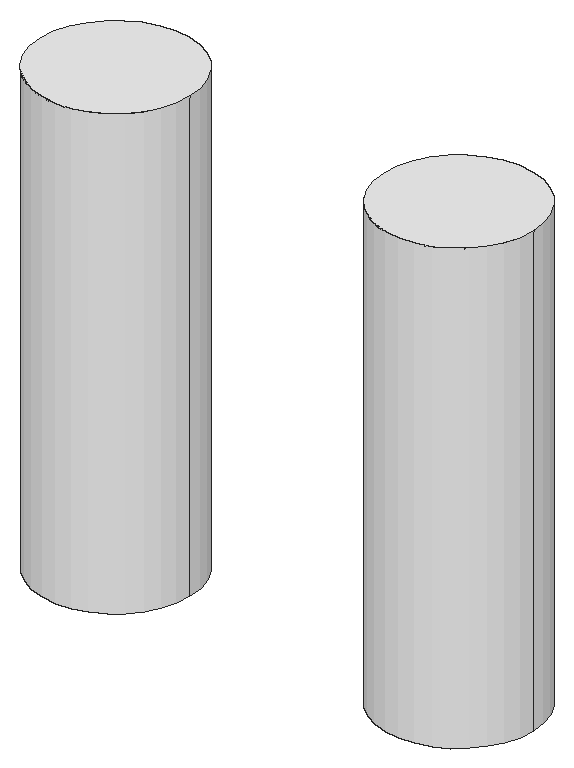
Revit family "45341183", category Plumbing Fixtures, Revit 2020
Family settings
  Round Connector Dimension = Use Diameter
  Part Type = Normal
  OmniClass Number = 23.45.55.00
  OmniClass Title = Sanitary Faucets, Wastes
  Work Plane-Based = No
  Always vertical = Yes
  Cut with Voids When Loaded = No
  Shared = No
  Room Calculation Point = No
Parameters (values of type "45341183 Washbasin faucet, low pressure")
  Working Pressure = "50 - 500 kPa"
  WarrantyStartDate [instance] = "n/a"
  WarrantyGuarantorParts = "n/a"
  WarrantyGuarantorLabor = "n/a"
  WarrantyDurationUnit = "Year"
  WarrantyDurationParts = "n/a"
  WarrantyDurationLabor = "n/a"
  WarrantyDescription = "http://warranty.hansa.com"
  Warranty Information URL = "http://warranty.hansa.com"
  VersionDate = "01/06/2023"
  Version = "1"
  ValvePattern = "n/a"
  ValveOperation = "n/a"
  ValveMechanism = "n/a"
  Uniclass2015Reference = "Pr_40_20_87_96"
  Uniclass2015Description = "Washbasin manual water supply sets"
  Uniclass2 = "Pr_40_30_96_96"
  URL REACH = "http://static.hansa.com/doc/reach"
  URL Materials Declaration = "http://www.hansa.com/fileadmin/resources/185168_45341183_materialsdeclaration.pdf"
  URL EcoLabel Declaration = "http://static.hansa.com/doc/EcoLabel"
  URL EU Packaging Declaration = "http://static.hansa.com/doc/packaging"
  URL Declaration of SCIP = "http://static.hansa.com/doc/SCIP"
  URL Declaration of Conformity = "http://static.hansa.com/DoC/45341183"
  URL Declaration of Asbestos = "http://static.hansa.com/doc/asbestos"
  URL Declaration Of Performance (DOP) = "http://static.hansa.com/doc/DoP"
  URL = ""
  UNSPSC Class Number = "30181700 Faucets or taps"
  TestPressure = "n/a"
  Technical DataSheet URL = "http://www.hansa.com/datasheet/45341183/en"
  TagNumber [instance] = "n/a"
  SustainabilityPerformance = "n/a"
  Surface treatment = "Chrome"
  Spout Type = "Fixed spout"
  Spout Projection = "107 mm"
  Spare-Part Information URL = "http://static.hansa.com/sp/45341183"
  Size = "Faucet: 50x144x147 mm / Heater: 255x213x418 mm"
  Shape = "Sculptured"
  SerialNumber [instance] = "n/a"
  Sales Package dimensions (LxWxH) = "380 x 180 x 74"
  Revision = "n/a"
  ReplacementCost = "n/a"
  ProductInformation = "Washbasin faucet with disinfection wash proof Bidetta shower set"
  Product URL = "http://static.hansa.com/45341183"
  Product Image URL = "http://static.hansa.com/image/45341183"
  Product Family = "HANSAPINTO "
  Product Code = "45341183"
  OperatingMechanismMaterial = "n/a"
  Name_en = "45341183 Washbasin faucet, low pressure"
  Name = "45341183 Washbasin faucet, low pressure"
  NBSReference = "45-35-70/371"
  NBSDescription = "Water supply fittings for wash basins and troughs"
  Mounting Holes = "1 hole"
  ModelReference = "45341183"
  ModelNumber = "n/a"
  Model = "45341183 Washbasin faucet, low pressure"
  Mobile Product Information URL = "http://mpi.hansa.com/45341183"
  Mechanical Parts = "Litter filter(s);ø 40 mm ceramic cartridge for flow and temperature control"
  Max. Hot Water Supply = 70 °C
  Material = "Brass"
  Market = "International;Germany;Austria;Belgium;Netherlands;Czech Republic;Slovakia"
  ManufacturerURL = "http://www.hansa.com"
  ManufacturerName = "HANSA"
  Manufacturer = "HANSA"
  Lever Handle = "Hot/Cold symbols;Single operating lever/handle"
  Interactive AR View URL = "https://static.hansa.com/AR/45341183"
  InstallationDate [instance] = "n/a"
  Installation and Maintenance Guide URL = "http://static.hansa.com/manual/45341183"
  Installation Type = "Deck mounted"
  InletConnectionSize = 10 mm
  IfcExportType = "FAUCET"  # constant formula
  IfcExportAs = "IfcValveType"  # constant formula
  HeaterVisibility [instance] = yes
  HeaterNominalWidth = 255 mm
  HeaterNominalHeight = 418.2 mm
  HeaterNominalDepth = 213 mm
  HeaterDefaultElevation [instance] = 200 mm
  HWFU = 0
  Group = "Washbasin faucet"
  Grade = "n/a"
  FlowCoefficient = 0
  Finish = "Polished"
  Features = "Single-lever;Low pressure"
  FaucetNominalWidth = 50 mm
  FaucetNominalHeight = 147 mm
  FaucetNominalDepth = 144 mm
  FaucetMainMaterial = Brass
  FaucetDefaultElevation [instance] = 900 mm
  FDV Document URL = "http://www.hansa.com/datasheet/45341183/en/fdv"
  ExpectedLife = "n/a"
  Excluded Items = "Without pop-up waste;Without draw-rod opening"
  ETIM Class Number = "EC011328 Washbasin mixing tap"
  EN Standard = "EN 817"
  EAN Number = "4057304003028"
  DurationUnit = "Year"
  DistanceY-Axis [instance] = 100 mm
  DistanceX-Axis [instance] = 200 mm
  Dimension Drawing URL = "http://static.hansa.com/dimdrw/45341183"
  Description = ""
  Default Elevation = 0 mm
  Constituents = "n/a"
  Connection Size = "G3/8"
  Connection = "Flexible inlet pipes"
  Color = "Chrome"
  CodePerformance = "n/a"
  CloseOffRating = 0
  Category = "Washbasin"
  Catalog Drawing URL = "http://static.hansa.com/catdrw/45341183"
  Brand = "HANSA"
  BodyMaterial = "Brass"
  Barcode [instance] = "n/a"
  Backflow Prevention EN1717 = "AA"
  BIMObjectName = "45341183"
  Author = "BIMStone"
  AssetType = "Fixed"
  AssetIdentifier [instance] = "n/a"
  Ambience photo = "http://static.hansa.com/ambience/45341183"
  Aerator = "Laminar stream;Standard aerator"
  Advanced Features = "3S-installation system for safe and simple mounting;Inner body made of DZR brass"
  Additional Features = "grease without Silicon"
  AccessibilityPerformance = "n/a"
  3D View = "https://static.hansa.com/AR/45341183"
  2D/3D/BIM Files URL = "http://static.hansa.com/bim/45341183"
Reference planes
  plane 1 "Center (Front/Back)": y = 0
  plane 2: z = 0
  plane 3 "Center (Left/Right)": x = 0
  plane 4: x = -25
  plane 5: x = 25
  plane 6: z = 900
  plane 7: z = 870
  plane 8: x = 200
  plane 9: y = -113
  plane 10: y = 100
  plane 11: z = 200
  plane 12: z = 618.2
  plane 13: y = -144
  plane 14: z = 1047
  plane 15: x = 72.5
  plane 16: x = 327.5
Forms (mm)
  Extrusion 1, solid, material "Brass" <- "FaucetMainMaterial"
    sketch origin (0, 4.9, 0) x (1, 0, 0) y (0, 1, 0)
      loop
        circle (-11.5, -29) r 5
      loop
        circle (11.5, -29) r 5
    from 870 to 900
Dimensions and locks
  equal spacing: plane 4, plane 3 "Center (Left/Right)", plane 5
  "FaucetDefaultElevation": plane 6 to level
  locked: plane 6 to plane 7 at 30
  "FaucetNominalWidth": plane 4 to plane 5
  "HeaterNominalDepth": plane 10 to plane 9
  "DistanceX-Axis": plane 3 "Center (Left/Right)" to plane 8
  "HeaterNominalHeight": plane 12 to plane 11
  "HeaterDefaultElevation": plane 11 to level
  "DistanceY-Axis": plane 10 to plane 1 "Center (Front/Back)"
  "FaucetNominalDepth": plane 13 to plane 1 "Center (Front/Back)"
  "FaucetNominalHeight": plane 14 to plane 6
  equal spacing: plane 15, plane 8, plane 16
  "HeaterNominalWidth": plane 15 to plane 16
  "InletConnectionSize": diameter of Extrusion 1 sketch curve  (x2)
  aligned and locked: level to plane 2
  aligned and locked: plane 6 to Extrusion 1
  aligned and locked: Extrusion 1 to plane 7
  aligned and locked: nested 2 to plane 10
  aligned and locked: plane 8 to nested 2
  aligned and locked: plane 8 to nested 3
  aligned and locked: plane 3 "Center (Left/Right)" to nested 4
  aligned and locked: plane 1 "Center (Front/Back)" to nested 4
  aligned and locked: nested 4 to plane 6
  aligned and locked: nested 3 to plane 10
  aligned and locked: nested 3 to plane 11
Automatic sketch dimensions
  Extrusion 1 sketch curve to plane 3 "Center (Left/Right)" = 11.5 mm
  plane 3 "Center (Left/Right)" to Extrusion 1 sketch curve = 11.5 mm
  plane 1 "Center (Front/Back)" to Extrusion 1 sketch curve = 24.1 mm
  Extrusion 1 sketch curve to Extrusion 1 sketch curve = 0 mm
Nested families
  nested 1: "Symbol" at (0, 0, 0), type "Symbol", detail levels coarse
  nested 2: "Symbol" at (200, 100, 0), type "Symbol", detail levels coarse
  nested 3: "45341183_Heater" at (200, -6.5, 200), visible <- "HeaterVisibility", type "45341183_Heater"
  nested 4: "45341183_p" at (0, 0, 900), Material <- "FaucetMainMaterial", type "45341183_p"
    with Material Brass
Connectors
  piping at (-11.5, -24.1, 870), diameter 10, driven by "InletConnectionSize"
    settings: on Extrusion 1, index 1, connector inside diameter 609.6 mm, connector length 0 mm, flow factor 0, pipe flow 0.0 L/s, pressure drop 0.0 Pa, fitting loss kfactor 0, connector angle 0.00°, fixture units 0, engagement length 0 mm, angle of deflection 0.00°, flow configuration 1, flow direction 1, fitting loss method 0, system type 19, joint type 0, gender type 0, connector reference index -1, connector utility 0, adjustable connector no, is connector primary yes, connector description ""
  piping at (11.5, -24.1, 870), diameter 10, driven by "InletConnectionSize"
    settings: on Extrusion 1, index 2, connector inside diameter 609.6 mm, connector length 0 mm, flow factor 0, pipe flow 0.0 L/s, pressure drop 0.0 Pa, fitting loss kfactor 0, connector angle 0.00°, fixture units 0, engagement length 0 mm, angle of deflection 0.00°, flow configuration 1, flow direction 1, fitting loss method 0, system type 20, joint type 0, gender type 0, connector reference index -1, connector utility 0, adjustable connector no, is connector primary no, connector description ""
  piping at (150, 32, 618.2), diameter 10, driven by "InletConnectionSize"
    settings: on nested 3, index 3, connector inside diameter 609.6 mm, connector length 0 mm, flow factor 0, pipe flow 0.0 L/s, pressure drop 0.0 Pa, fitting loss kfactor 0, connector angle 0.00°, fixture units 0, engagement length 0 mm, angle of deflection 0.00°, flow configuration 1, flow direction 2, fitting loss method 0, system type 19, joint type 0, gender type 0, connector reference index -1, connector utility 0, adjustable connector no, is connector primary no, connector description ""
  piping at (250, 32, 618.2), diameter 10, driven by "InletConnectionSize"
    settings: on nested 3, index 4, connector inside diameter 609.6 mm, connector length 0 mm, flow factor 0, pipe flow 0.0 L/s, pressure drop 0.0 Pa, fitting loss kfactor 0, connector angle 0.00°, fixture units 0, engagement length 0 mm, angle of deflection 0.00°, flow configuration 1, flow direction 1, fitting loss method 0, system type 20, joint type 0, gender type 0, connector reference index -1, connector utility 0, adjustable connector no, is connector primary no, connector description ""
Definition of nested family "Symbol"
  Reference planes
    plane 1: y = 0
    plane 2: x = 0
  Lines and regions (mm)
    detail lines
      curve 1: line (0, 0, 0) -> (0, -1.8, 0)
      curve 2: line (-0.4, -1.1, 0) -> (0.4, -1.1, 0)
      curve 3: line (-0.4, -1.4, 0) -> (0.4, -1.4, 0)
      curve 4: line (0.863, 0, 0) -> (-0.863, 0, 0)
      curve 5: circle (-1.163, 0, 0) r 0.3 normal (0, 0, -1)
      curve 6: circle (1.163, 0, 0) r 0.3 normal (0, 0, 1)
Definition of nested family "45341183_Heater"
  Parameters (values of type "45341183_Heater")
    Default Elevation = 0 mm
  Reference planes
    plane 1 "Center (Front/Back)": y = 0
    plane 2: z = 0
    plane 3 "Center (Left/Right)": x = 0
    plane 4: z = 418.2
    plane 5: y = 106.5
    plane 6: y = -106.5
    plane 7: x = -127.5
    plane 8: x = 127.5
  Forms (mm)
    Extrusion 1, solid, detail levels medium
      sketch origin (0, 0, 0) x (1, 0, 0) y (0, 1, 0)
        loop
          arc (-123.28, -82.346) -> (-117.845, -95.367) -> (-105.167, -101.56) r 20
          arc (-105.167, -101.56) -> (0, -106.5) -> (105.167, -101.56) r 1121.865
          arc (105.167, -101.56) -> (117.845, -95.367) -> (123.28, -82.346) r 20
          line (123.28, -82.346) -> (127.5, 38.5) -> (-127.5, 38.5) -> (-123.28, -82.346)
      from 0 to 389.992
    Extrusion 2, solid, detail levels medium
      sketch origin (0, 0, 0) x (1, 0, 0) y (0, 1, 0)
        loop
          line (-107.693, 104.57) -> (-110, 38.5) -> (110, 38.5) -> (107.693, 104.57)
          arc (107.693, 104.57) -> (107.083, 105.939) -> (105.694, 106.5) r 2
          line (105.694, 106.5) -> (-105.694, 106.5)
          arc (-105.694, 106.5) -> (-107.083, 105.939) -> (-107.693, 104.57) r 2
      from 5.314 to 382.736
    Revolve 3, solid, detail levels medium
      sketch origin (0, 38.5, 0) x (1, 0, 0) y (0, 0, 1)
        loop
          line (-50, 418.2) -> (-58.25, 418.2) -> (-58.25, 408) -> (-62.75, 408) -> (-62.75, 396.5) -> (-50, 396.5) -> (-50, 418.2)
        axis (-50, 418.2) -> (-50, 396.5)
      angle from 0 to 360
    Revolve 4, solid, detail levels medium
      sketch origin (0, 38.5, 0) x (1, 0, 0) y (0, 0, 1)
        loop
          line (-50, 396.5) -> (-64.15, 396.5) -> (-66.173, 394.477) -> (-66.173, 382.736) -> (-50, 382.736) -> (-50, 396.5)
        axis (-50, 396.5) -> (-50, 382.736)
      angle from 0 to 360
    Extrusion 5, solid, detail levels coarse
      sketch origin (0, 0, 0) x (1, 0, 0) y (0, 1, 0)
        loop
          line (-127.5, 106.5) -> (-127.5, -106.5) -> (127.5, -106.5) -> (127.5, 106.5) -> (-127.5, 106.5)
      from 0 to 418.2
    Revolve 6, solid, detail levels medium
      sketch origin (0, 38.5, 0) x (-1, 0, 0) y (0, 0, -1)
        loop
          line (-50, -418.2) -> (-50, -396.5) -> (-62.75, -396.5) -> (-62.75, -408) -> (-58.25, -408) -> (-58.25, -418.2) -> (-50, -418.2)
        axis (-50, -418.2) -> (-50, -396.5)
      angle from 0 to 360
    Revolve 7, solid, detail levels medium
      sketch origin (0, 38.5, 0) x (-1, 0, 0) y (0, 0, -1)
        loop
          line (-50, -396.5) -> (-50, -382.736) -> (-66.173, -382.736) -> (-66.173, -394.477) -> (-64.15, -396.5) -> (-50, -396.5)
        axis (-50, -396.5) -> (-50, -382.736)
      angle from 0 to 360
  Cuts and joins
    joined: Extrusion 1, Extrusion 2, Revolve 4, Revolve 7
  Lines and regions (mm)
    symbolic lines, detail levels medium+fine
      curve 1: line (0, 104.57, 9.307) -> (0, 40.43, 7.067)
      curve 2: line (0, 106.5, 11.306) -> (0, 106.5, 378.647)
      curve 3: line (0, 104.57, 380.646) -> (0, 54.673, 382.389)
      curve 4: line (0, 54.673, 394.477) -> (0, 54.673, 382.389)
      curve 5: line (0, 54.673, 394.477) -> (0, 52.65, 396.5)
      curve 6: line (0, 51.25, 396.5) -> (0, 51.25, 408)
      curve 7: line (0, 51.25, 396.5) -> (0, 52.65, 396.5)
      curve 8: line (0, 51.25, 408) -> (0, 46.75, 408)
      curve 9: line (0, 46.75, 408) -> (0, 46.75, 418.2)
      curve 10: line (0, 46.75, 418.2) -> (0, 30.25, 418.2)
      curve 11: line (0, 30.25, 418.2) -> (0, 30.25, 408)
      curve 12: line (0, 30.25, 408) -> (0, 25.75, 408)
      curve 13: line (0, 25.75, 408) -> (0, 25.75, 396.5)
      curve 14: line (0, 25.75, 396.5) -> (0, 24.35, 396.5)
      curve 15: line (0, 24.35, 396.5) -> (0, 22.327, 394.477)
      curve 16: line (0, 22.327, 394.477) -> (0, 22.327, 389.144)
      curve 17: line (0, 22.327, 389.144) -> (0, -103.657, 382.542)
      curve 18: line (0, -106.5, 379.546) -> (0, -106.5, 373.554)
      curve 19: line (0, -106.5, 373.554) -> (0, -104.678, 373.554)
      curve 20: line (0, -104.678, 373.554) -> (0, -104.678, 368.554)
      curve 21: line (0, -104.678, 368.554) -> (0, -105.5, 368.554)
      curve 22: line (0, -105.5, 368.554) -> (0, -105.5, 311.5)
      curve 23: line (0, -105.5, 311.5) -> (0, -104.669, 311.5)
      curve 24: line (0, -104.669, 311.5) -> (0, -104.669, 283.779)
      curve 25: line (0, -106.5, 274.171) -> (0, -104.669, 283.779)
      curve 26: line (0, -106.5, 274.171) -> (0, -106.5, 26.243)
      curve 27: line (0, -81.5, 0) -> (0, -105.621, 24.121)
      curve 28: arc (0, -106.5, 26.243) -> (0, -106.272, 25.095) -> (0, -105.621, 24.121) r 3
      curve 29: line (0, -81.5, 0) -> (0, 38.5, 0)
      curve 30: line (0, 38.5, 0) -> (0, 38.5, 5.069)
      curve 31: arc (0, 40.43, 7.067) -> (0, 39.061, 6.458) -> (0, 38.5, 5.069) r 2
      curve 32: arc (0, 106.5, 11.306) -> (0, 105.939, 9.917) -> (0, 104.57, 9.307) r 2
      curve 33: arc (0, 104.57, 380.646) -> (0, 105.939, 380.037) -> (0, 106.5, 378.647) r 2
      curve 34: arc (0, -106.5, 379.546) -> (0, -105.676, 381.611) -> (0, -103.657, 382.542) r 3
      curve 47: line (-66.033, 0, 390.053) -> (-124.5, 0, 390.053)
      curve 48: line (-64, 0, 396.5) -> (-66.033, 0, 394.467)
      curve 49: line (-66.033, 0, 394.467) -> (-66.033, 0, 390.053)
      curve 50: line (-64, 0, 396.5) -> (-62.6, 0, 396.5)
      curve 51: line (-62.6, 0, 398.5) -> (-62.6, 0, 396.5)
      curve 52: line (-62.6, 0, 398.5) -> (-60.75, 0, 398.5)
      curve 53: line (-60.75, 0, 398.5) -> (-60.75, 0, 408)
      curve 54: line (-60.75, 0, 408) -> (-58.1, 0, 408)
      curve 55: line (-58.1, 0, 418.2) -> (-58.1, 0, 408)
      curve 56: line (-35.7, 0, 396.5) -> (-33.667, 0, 394.467)
      curve 57: line (-33.667, 0, 394.467) -> (-33.667, 0, 390.053)
      curve 58: line (-35.7, 0, 396.5) -> (-37.1, 0, 396.5)
      curve 59: line (-37.1, 0, 398.5) -> (-37.1, 0, 396.5)
      curve 60: line (-37.1, 0, 398.5) -> (-38.95, 0, 398.5)
      curve 61: line (-38.95, 0, 398.5) -> (-38.95, 0, 408)
      curve 62: line (-38.95, 0, 408) -> (-41.6, 0, 408)
      curve 63: line (-41.6, 0, 418.2) -> (-41.6, 0, 408)
      curve 64: line (-58.1, 0, 418.2) -> (-41.6, 0, 418.2)
      curve 65: line (-127.5, 0, 387.053) -> (-127.5, 0, 3)
      curve 66: line (-124.5, 0, 0) -> (124.5, 0, 0)
      curve 67: arc (-127.5, 0, 3) -> (-126.621, 0, 0.879) -> (-124.5, 0, 0) r 3
      curve 68: arc (-124.5, 0, 390.053) -> (-126.621, 0, 389.174) -> (-127.5, 0, 387.053) r 3
      curve 69: line (66.033, 0, 390.053) -> (124.5, 0, 390.053)
      curve 70: line (64, 0, 396.5) -> (66.033, 0, 394.467)
      curve 71: line (66.033, 0, 394.467) -> (66.033, 0, 390.053)
      curve 72: line (64, 0, 396.5) -> (62.6, 0, 396.5)
      curve 73: line (62.6, 0, 398.5) -> (62.6, 0, 396.5)
      curve 74: line (62.6, 0, 398.5) -> (60.75, 0, 398.5)
      curve 75: line (60.75, 0, 398.5) -> (60.75, 0, 408)
      curve 76: line (60.75, 0, 408) -> (58.1, 0, 408)
      curve 77: line (58.1, 0, 418.2) -> (58.1, 0, 408)
      curve 78: line (35.7, 0, 396.5) -> (33.667, 0, 394.467)
      curve 79: line (33.667, 0, 394.467) -> (33.667, 0, 390.053)
      curve 80: line (35.7, 0, 396.5) -> (37.1, 0, 396.5)
      curve 81: line (37.1, 0, 398.5) -> (37.1, 0, 396.5)
      curve 82: line (37.1, 0, 398.5) -> (38.95, 0, 398.5)
      curve 83: line (38.95, 0, 398.5) -> (38.95, 0, 408)
      curve 84: line (38.95, 0, 408) -> (41.6, 0, 408)
      curve 85: line (41.6, 0, 418.2) -> (41.6, 0, 408)
      curve 86: line (58.1, 0, 418.2) -> (41.6, 0, 418.2)
      curve 87: line (127.5, 0, 387.053) -> (127.5, 0, 3)
      curve 88: arc (127.5, 0, 3) -> (126.621, 0, 0.879) -> (124.5, 0, 0) r 3
      curve 89: arc (124.5, 0, 390.053) -> (126.621, 0, 389.174) -> (127.5, 0, 387.053) r 3
      curve 90: line (-33.667, 0, 390.053) -> (33.667, 0, 390.053)
      curve 125: line (-107.693, 104.57, 0) -> (-109.933, 40.43, 0)
      curve 126: line (-105.694, 106.5, 0) -> (105.694, 106.5, 0)
      curve 127: line (109.933, 40.43, 0) -> (107.693, 104.57, 0)
      curve 128: arc (-105.694, 106.5, 0) -> (-107.083, 105.939, 0) -> (-107.693, 104.57, 0) r 2
      curve 129: arc (107.693, 104.57, 0) -> (107.083, 105.939, 0) -> (105.694, 106.5, 0) r 2
      curve 130: line (-127.5, 38.5, 0) -> (-111.931, 38.5, 0)
      curve 131: line (127.5, 38.5, 0) -> (111.931, 38.5, 0)
      curve 132: line (-127.5, 38.5, 0) -> (-123.28, -82.346, 0)
      curve 133: arc (-123.28, -82.346, 0) -> (-117.845, -95.367, 0) -> (-105.167, -101.56, 0) r 20
      curve 134: arc (-105.167, -101.56, 0) -> (0, -106.5, 0) -> (105.167, -101.56, 0) r 1121.865
      curve 135: arc (105.167, -101.56, 0) -> (117.845, -95.367, 0) -> (123.28, -82.346, 0) r 20
      curve 136: line (123.28, -82.346, 0) -> (127.5, 38.5, 0)
      curve 137: arc (-109.933, 40.43, 0) -> (-110.542, 39.061, 0) -> (-111.931, 38.5, 0) r 2
      curve 138: arc (109.933, 40.43, 0) -> (110.542, 39.061, 0) -> (111.931, 38.5, 0) r 2
    symbolic lines, detail levels fine
      curve 35: line (0, 46.75, 408) -> (0, 30.25, 408)
      curve 36: line (0, 51.25, 396.5) -> (0, 25.75, 396.5)
      curve 37: line (0, 45.115, 398.5) -> (0, 45.115, 408)
      curve 38: line (0, 31.885, 398.5) -> (0, 31.885, 408)
      curve 39: line (0, 31.885, 398.5) -> (0, 45.115, 398.5)
      curve 40: line (0, 54.673, 394.477) -> (0, 22.327, 394.477)
      curve 41: line (0, 54.673, 382.389) -> (0, 40.426, 382.886)
      curve 42: line (0, 38.5, 390) -> (0, 38.5, 5.069)
      curve 43: line (0, 40.43, 7.067) -> (0, 40.43, 382.886)
      curve 44: arc (0, 40.426, 382.886) -> (0, 39.013, 383.542) -> (0, 38.5, 385.013) r 2
      curve 45: line (0, 38.5, 390) -> (0, 22.327, 389.144)
      curve 46: line (0, -104.678, 368.554) -> (0, -104.669, 311.5)
      curve 91: line (-58.1, 0, 408) -> (-41.6, 0, 408)
      curve 92: line (-62.6, 0, 396.5) -> (-37.1, 0, 396.5)
      curve 93: line (-66.033, 0, 394.467) -> (-33.667, 0, 394.467)
      curve 94: arc (-66.033, 0, 390.053) -> (-49.85, 0, 389.244) -> (-33.667, 0, 390.053) r 162.296
      curve 95: line (58.1, 0, 408) -> (41.6, 0, 408)
      curve 96: line (62.6, 0, 396.5) -> (37.1, 0, 396.5)
      curve 97: line (66.033, 0, 394.467) -> (33.667, 0, 394.467)
      curve 98: arc (66.033, 0, 390.053) -> (49.85, 0, 389.244) -> (33.667, 0, 390.053) r 162.296
      curve 99: line (-66, 0, 373.554) -> (66, 0, 373.554)
      curve 100: line (66, 0, 373.554) -> (66, 0, 283.554)
      curve 101: line (-66, 0, 373.554) -> (-66, 0, 283.554)
      curve 102: arc (-66, 0, 283.554) -> (0, 0, 274.025) -> (66, 0, 283.554) r 233.334
      curve 103: arc (-66, 0, 284.951) -> (0, 0, 276.133) -> (66, 0, 284.951) r 251.399
      curve 104: circle (0, 0, 340) r 28.5 normal (0, -1, 0)
      curve 105: line (-6, 0, 362.721) -> (-6, 0, 317.279)
      curve 106: line (6, 0, 317.279) -> (6, 0, 362.721)
      curve 107: arc (-6, 0, 362.721) -> (-23.086, 0, 340) -> (-6, 0, 317.279) r 23.651
      curve 108: arc (6, 0, 362.721) -> (23.086, 0, 340) -> (6, 0, 317.279) r 23.651
      curve 109: line (-123.24, 0, 56.504) -> (-125.628, 0, 3.041)
      curve 110: arc (-110.142, 0, 44.599) -> (-115.999, 0, 50.536) -> (-121.139, 0, 57.102) r 72.94
      curve 111: arc (-121.139, 0, 57.102) -> (-122.403, 0, 57.554) -> (-123.24, 0, 56.504) r 1.154
      curve 112: arc (-82.817, 0, 30.097) -> (-97.38, 0, 35.651) -> (-110.142, 0, 44.599) r 63.238
      curve 113: arc (110.142, 0, 44.599) -> (115.999, 0, 50.536) -> (121.139, 0, 57.102) r 72.94
      curve 114: arc (121.139, 0, 57.102) -> (122.403, 0, 57.554) -> (123.24, 0, 56.504) r 1.154
      curve 115: arc (82.817, 0, 30.097) -> (97.38, 0, 35.651) -> (110.142, 0, 44.599) r 63.238
      curve 116: arc (82.817, 0, 30.097) -> (0, 0, 20.076) -> (-82.817, 0, 30.097) r 347.239
      curve 117: arc (-125.628, 0, 3.041) -> (-124.936, 0, 1.015) -> (-123.05, 0, 0) r 2.931
      curve 118: line (123.24, 0, 56.504) -> (125.628, 0, 3.041)
      curve 119: arc (125.628, 0, 3.041) -> (124.936, 0, 1.015) -> (123.05, 0, 0) r 2.931
      curve 120: line (-123.24, 0, 56.504) -> (-123.24, 0, 380.71)
      curve 121: line (123.24, 0, 56.504) -> (123.24, 0, 380.71)
      curve 122: line (-123.24, 0, 380.71) -> (-127.5, 0, 387.053)
      curve 123: line (123.24, 0, 380.71) -> (127.5, 0, 387.053)
      curve 124: arc (-123.24, 0, 380.71) -> (0, 0, 379.324) -> (123.24, 0, 380.71) r 5480.134
      curve 139: line (-111.931, 38.5, 0) -> (-66.023, 38.5, 0)
      curve 140: arc (-66.023, 38.5, 0) -> (-49.85, 54.673, 0) -> (-33.677, 38.5, 0) r 16.173
      curve 141: arc (-33.677, 38.5, 0) -> (-49.85, 22.327, 0) -> (-66.023, 38.5, 0) r 16.173
      curve 142: arc (33.677, 38.5, 0) -> (49.85, 22.327, 0) -> (66.023, 38.5, 0) r 16.173
      curve 143: arc (66.023, 38.5, 0) -> (49.85, 54.673, 0) -> (33.677, 38.5, 0) r 16.173
      curve 144: line (-33.677, 38.5, 0) -> (33.677, 38.5, 0)
      curve 145: line (66.023, 38.5, 0) -> (111.931, 38.5, 0)
      curve 146: arc (-35.7, 38.5, 0) -> (-49.85, 52.65, 0) -> (-64, 38.5, 0) r 14.15
      curve 147: arc (-64, 38.5, 0) -> (-49.85, 24.35, 0) -> (-35.7, 38.5, 0) r 14.15
      curve 148: arc (-62.6, 38.5, 0) -> (-49.85, 51.25, 0) -> (-37.1, 38.5, 0) r 12.75
      curve 149: arc (-37.1, 38.5, 0) -> (-49.85, 25.75, 0) -> (-62.6, 38.5, 0) r 12.75
      curve 150: arc (-58.1, 38.5, 0) -> (-49.85, 46.75, 0) -> (-41.6, 38.5, 0) r 8.25
      curve 151: arc (-41.6, 38.5, 0) -> (-49.85, 30.25, 0) -> (-58.1, 38.5, 0) r 8.25
      curve 152: line (-60.75, 45.115, 0) -> (-60.75, 31.885, 0)
      curve 153: line (-38.95, 31.885, 0) -> (-38.95, 45.115, 0)
      curve 154: arc (35.7, 38.5, 0) -> (49.85, 52.65, 0) -> (64, 38.5, 0) r 14.15
      curve 155: arc (64, 38.5, 0) -> (49.85, 24.35, 0) -> (35.7, 38.5, 0) r 14.15
      curve 156: arc (62.6, 38.5, 0) -> (49.85, 51.25, 0) -> (37.1, 38.5, 0) r 12.75
      curve 157: arc (37.1, 38.5, 0) -> (49.85, 25.75, 0) -> (62.6, 38.5, 0) r 12.75
      curve 158: arc (58.1, 38.5, 0) -> (49.85, 46.75, 0) -> (41.6, 38.5, 0) r 8.25
      curve 159: arc (41.6, 38.5, 0) -> (49.85, 30.25, 0) -> (58.1, 38.5, 0) r 8.25
      curve 160: line (60.75, 45.115, 0) -> (60.75, 31.885, 0)
      curve 161: line (38.95, 31.885, 0) -> (38.95, 45.115, 0)
  Dimensions and locks
    aligned and locked: level to plane 2
Definition of nested family "45341183_p"
  Parameters (values of type "45341183_p")
    Material [instance] = none
    Default Elevation = 0 mm
  Reference planes
    plane 1 "Center (Front/Back)": y = 0
    plane 2: z = 0
    plane 3 "Center (Left/Right)": x = 0
    plane 4: x = -25
    plane 5: y = -144
    plane 6: x = 25
    plane 7: z = 147
  Forms (mm)
    Extrusion 1, solid, material <- "Material", detail levels medium
      sketch origin (0, 0, -900) x (0, 1, 0) y (0, 0, 1)
        loop
          line (0, 900) -> (-4.65, 1033.166) -> (-21.258, 1037.929) -> (-35.272, 1041.164) -> (-54.163, 1044.495) -> (-70.855, 1046.249) -> (-80.006, 1046.729) -> (-90.749, 1047) -> (-95.31, 1046.864) -> (-105.294, 1046.29) -> (-114.802, 1045.122) -> (-115.586, 1044.822) -> (-116.089, 1044.177) -> (-116.133, 1043.332) -> (-115.795, 1042.572) -> (-115.279, 1041.912) -> (-114.644, 1041.379) -> (-113.946, 1040.96) -> (-113.029, 1040.589) -> (-112.085, 1040.318) -> (-111.268, 1040.16) -> (-110.331, 1040.028) -> (-109.264, 1039.935) -> (-108.191, 1039.878) -> (-106.526, 1039.849) -> (-103.479, 1039.902) -> (-93.9, 1039.902) -> (-87.463, 1039.678) -> (-79.918, 1039.15) -> (-75.457, 1038.681) -> (-67.906, 1037.888) -> (-63.724, 1037.3) -> (-60.864, 1036.795) -> (-59.077, 1036.416) -> (-57.461, 1035.891) -> (-56.127, 1035.269) -> (-54.936, 1034.495) -> (-53.901, 1033.346) -> (-52.982, 1032.034) -> (-52.419, 1030.486) -> (-52.109, 1028.726) -> (-51.942, 1026.816) -> (-52.865, 1000.367) -> (-142.07, 997.252)
          arc (-142.07, 997.252) -> (-143.439, 996.643) -> (-144, 995.253) r 2
          line (-144, 995.253) -> (-144, 993.185)
          arc (-144, 993.185) -> (-142.89, 987.494) -> (-139.721, 982.638) r 15.139
          line (-139.721, 982.638) -> (-141.569, 978.284) -> (-119.579, 968.949) -> (-116.35, 976.557) -> (-74.555, 975.827)
          arc (-74.555, 975.827) -> (-57.468, 968.663) -> (-50.006, 951.704) r 25
          line (-50.006, 951.704) -> (-48.201, 900) -> (0, 900)
      from -25 to 25
    Extrusion 2, solid, material <- "Material", detail levels coarse
      sketch origin (0, 0, -900) x (1, 0, 0) y (0, 1, 0)
        loop
          line (-25, -144) -> (25, -144) -> (25, 0) -> (-25, 0) -> (-25, -144)
      from 900 to 1047
    Extrusion 3, solid, material <- "Material", detail levels medium
      sketch origin (0, 0, 0) x (1, 0, 0) y (0, 0, 1)
        loop
          arc (2.738, 37.534) -> (0, 39.531) -> (-2.738, 37.534) r 2.875
          arc (-2.738, 37.534) -> (-3.983, 29.786) -> (-2.872, 22.017) r 26.136
          arc (-2.872, 22.017) -> (0, 19.883) -> (2.872, 22.017) r 3
          arc (2.872, 22.017) -> (3.983, 29.786) -> (2.738, 37.534) r 26.136
      from 0 to 13.556
  Cuts and joins
    joined: Extrusion 1, Extrusion 3
  Lines and regions (mm)
    symbolic lines, detail levels medium+fine
      curve 1: line (-18.113, -129.658, 0) -> (-22.118, -38.494, 0)
      curve 5: line (0, -144, 0) -> (-3.127, -144, 0)
      curve 6: arc (-3.127, -144, 0) -> (-13.498, -139.837, 0) -> (-18.113, -129.658, 0) r 15
      curve 7: arc (25, -25, 0) -> (0, 0, 0) -> (-25, -25, 0) r 25
      curve 8: arc (-25, -25, 0) -> (-24.271, -31.899, 0) -> (-22.118, -38.494, 0) r 33.031
      curve 11: line (18.113, -129.658, 0) -> (22.118, -38.494, 0)
      curve 15: line (0, -144, 0) -> (3.127, -144, 0)
      curve 16: arc (3.127, -144, 0) -> (13.498, -139.837, 0) -> (18.113, -129.658, 0) r 15
      curve 17: arc (25, -25, 0) -> (24.271, -31.899, 0) -> (22.118, -38.494, 0) r 33.031
      curve 22: line (0, 0, 0) -> (0, -48.201, 0)
      curve 23: line (0, -48.201, 0) -> (0, -50.006, 51.704)
      curve 24: line (0, -116.35, 76.557) -> (0, -74.555, 75.827)
      curve 25: arc (0, -74.555, 75.827) -> (0, -57.468, 68.663) -> (0, -50.006, 51.704) r 25
      curve 26: line (0, -119.579, 68.949) -> (0, -141.569, 78.284)
      curve 27: line (0, -116.35, 76.557) -> (0, -119.579, 68.949)
      curve 28: line (0, -139.721, 82.638) -> (0, -141.569, 78.284)
      curve 29: line (0, -49.685, 100.478) -> (0, -142.07, 97.252)
      curve 30: line (0, -144, 95.253) -> (0, -144, 93.185)
      curve 31: arc (0, -144, 93.185) -> (0, -142.89, 87.494) -> (0, -139.721, 82.638) r 15.139
      curve 32: arc (0, -142.07, 97.252) -> (0, -143.439, 96.643) -> (0, -144, 95.253) r 2
      curve 35: arc (0, -3.441, 98.548) -> (0, -4.051, 99.917) -> (0, -5.44, 100.478) r 2
      curve 36: line (0, -52.799, 102.273) -> (0, -49.685, 102.381)
      curve 51: line (0, -49.685, 100.478) -> (0, -49.685, 102.381)
      curve 52: arc (0, -5.44, 100.478) -> (0, -5.888, 103.923) -> (0, -6.88, 107.251) r 21.682
      curve 53: line (0, -6.88, 107.251) -> (0, -2.942, 107.389)
      curve 55: line (0, -52.799, 102.273) -> (0, -51.942, 126.816)
      curve 56: line (0, -51.942, 126.816) -> (0, -52.109, 128.726)
      curve 57: line (0, -52.109, 128.726) -> (0, -52.419, 130.486)
      curve 58: line (0, -52.419, 130.486) -> (0, -52.982, 132.034)
      curve 59: line (0, -52.982, 132.034) -> (0, -53.901, 133.346)
      curve 60: line (0, -53.901, 133.346) -> (0, -54.936, 134.495)
      curve 61: line (0, -54.936, 134.495) -> (0, -56.127, 135.269)
      curve 62: line (0, -56.127, 135.269) -> (0, -57.461, 135.891)
      curve 63: line (0, -57.461, 135.891) -> (0, -59.077, 136.416)
      curve 64: line (0, -59.077, 136.416) -> (0, -60.864, 136.795)
      curve 65: line (0, -60.864, 136.795) -> (0, -63.724, 137.3)
      curve 66: line (0, -63.724, 137.3) -> (0, -67.906, 137.888)
      curve 67: line (0, -67.906, 137.888) -> (0, -75.457, 138.681)
      curve 68: line (0, -75.457, 138.681) -> (0, -79.918, 139.15)
      curve 69: line (0, -79.918, 139.15) -> (0, -87.463, 139.678)
      curve 70: line (0, -87.463, 139.678) -> (0, -93.9, 139.902)
      curve 71: line (0, -93.9, 139.902) -> (0, -103.479, 139.902)
      curve 72: line (0, -103.479, 139.902) -> (0, -106.526, 139.849)
      curve 73: line (0, -106.526, 139.849) -> (0, -108.191, 139.878)
      curve 74: line (0, -108.191, 139.878) -> (0, -109.264, 139.935)
      curve 75: line (0, -109.264, 139.935) -> (0, -110.331, 140.028)
      curve 76: line (0, -110.331, 140.028) -> (0, -111.268, 140.16)
      curve 77: line (0, -111.268, 140.16) -> (0, -112.085, 140.318)
      curve 78: line (0, -112.085, 140.318) -> (0, -113.029, 140.589)
      curve 79: line (0, -113.029, 140.589) -> (0, -113.946, 140.96)
      curve 80: line (0, -113.946, 140.96) -> (0, -114.644, 141.379)
      curve 81: line (0, -114.644, 141.379) -> (0, -115.279, 141.912)
      curve 82: line (0, -115.279, 141.912) -> (0, -115.795, 142.572)
      curve 83: line (0, -115.795, 142.572) -> (0, -116.133, 143.332)
      curve 84: line (0, -116.133, 143.332) -> (0, -116.089, 144.177)
      curve 85: line (0, -116.089, 144.177) -> (0, -115.586, 144.822)
      curve 86: line (0, -115.586, 144.822) -> (0, -114.802, 145.122)
      curve 87: line (0, -114.802, 145.122) -> (0, -105.294, 146.29)
      curve 88: line (0, -105.294, 146.29) -> (0, -95.31, 146.864)
      curve 89: line (0, -95.31, 146.864) -> (0, -90.749, 147)
      curve 90: line (0, -90.749, 147) -> (0, -80.006, 146.729)
      curve 91: line (0, -80.006, 146.729) -> (0, -70.855, 146.249)
      curve 92: line (0, -70.855, 146.249) -> (0, -54.163, 144.495)
      curve 93: line (0, -54.163, 144.495) -> (0, -35.272, 141.164)
      curve 94: line (0, -35.272, 141.164) -> (0, -21.258, 137.929)
      curve 95: line (0, -21.258, 137.929) -> (0, -6.239, 133.622)
      curve 96: line (0, -2.942, 107.389) -> (0, -2.942, 110.335)
      curve 97: line (0, -2.942, 110.335) -> (0, -3.104, 113.434)
      curve 98: line (0, -3.104, 113.434) -> (0, -3.35, 116.947)
      curve 99: line (0, -3.35, 116.947) -> (0, -3.873, 121.92)
      curve 100: line (0, -3.873, 121.92) -> (0, -4.461, 125.258)
      curve 101: line (0, -4.461, 125.258) -> (0, -6.239, 133.622)
      curve 102: line (-25, -0.3, 0) -> (25, -0.3, 0)
      curve 103: line (-25, -0.3, 0) -> (-25, -0.3, 98)
      curve 104: line (-23, -0.3, 100) -> (-21.712, -0.3, 100)
      curve 105: arc (-24.98, -0.3, 104.895) -> (-22.629, -0.3, 124.88) -> (-16.454, -0.3, 144.033) r 103.47
      curve 106: line (-22.98, -0.3, 102.855) -> (-21.712, -0.3, 102.855)
      curve 107: line (0, -0.3, 147) -> (-5, -0.3, 147)
      curve 108: arc (-5, -0.3, 147) -> (-9.189, -0.3, 146.85) -> (-13.356, -0.3, 146.4) r 58.445
      curve 109: arc (-13.356, -0.3, 146.4) -> (-15.213, -0.3, 145.619) -> (-16.454, -0.3, 144.033) r 4
      curve 110: line (-21.712, -0.3, 100) -> (-21.712, -0.3, 102.855)
      curve 113: arc (-22.98, -0.3, 102.855) -> (-24.408, -0.3, 103.455) -> (-24.98, -0.3, 104.895) r 2
      curve 114: arc (-23, -0.3, 100) -> (-24.414, -0.3, 99.414) -> (-25, -0.3, 98) r 2
      curve 115: line (25, -0.3, 0) -> (25, -0.3, 98)
      curve 116: line (23, -0.3, 100) -> (21.712, -0.3, 100)
      curve 117: arc (24.98, -0.3, 104.895) -> (22.629, -0.3, 124.88) -> (16.454, -0.3, 144.033) r 103.47
      curve 118: line (22.98, -0.3, 102.855) -> (21.712, -0.3, 102.855)
      curve 119: line (0, -0.3, 147) -> (5, -0.3, 147)
      curve 120: arc (5, -0.3, 147) -> (9.189, -0.3, 146.85) -> (13.356, -0.3, 146.4) r 58.445
      curve 121: arc (13.356, -0.3, 146.4) -> (15.213, -0.3, 145.619) -> (16.454, -0.3, 144.033) r 4
      curve 122: line (21.712, -0.3, 100) -> (21.712, -0.3, 102.855)
      curve 123: arc (22.98, -0.3, 102.855) -> (24.408, -0.3, 103.455) -> (24.98, -0.3, 104.895) r 2
      curve 124: arc (23, -0.3, 100) -> (24.414, -0.3, 99.414) -> (25, -0.3, 98) r 2
      curve 160: line (0, 0, 0) -> (0, -48.201, 0)
      curve 161: line (0, -48.201, 0) -> (0, -50.006, 51.704)
      curve 162: line (0, -116.35, 76.557) -> (0, -74.555, 75.827)
      curve 163: arc (0, -74.555, 75.827) -> (0, -57.468, 68.663) -> (0, -50.006, 51.704) r 25
      curve 164: line (0, -119.579, 68.949) -> (0, -141.569, 78.284)
      curve 165: line (0, -116.35, 76.557) -> (0, -119.579, 68.949)
      curve 166: line (0, -139.721, 82.638) -> (0, -141.569, 78.284)
      curve 167: line (0, -49.685, 100.478) -> (0, -142.07, 97.252)
      curve 168: line (0, -144, 95.253) -> (0, -144, 93.185)
      curve 169: arc (0, -144, 93.185) -> (0, -142.89, 87.494) -> (0, -139.721, 82.638) r 15.139
      curve 170: arc (0, -142.07, 97.252) -> (0, -143.439, 96.643) -> (0, -144, 95.253) r 2
      curve 172: line (0, 0, 0) -> (0, -0.702, 20.098)
      curve 174: arc (0, -3.441, 98.548) -> (0, -4.051, 99.917) -> (0, -5.44, 100.478) r 2
      curve 175: line (0, -52.799, 102.273) -> (0, -49.685, 102.381)
      curve 190: line (0, -49.685, 100.478) -> (0, -49.685, 102.381)
      curve 191: arc (0, -5.44, 100.478) -> (0, -5.888, 103.923) -> (0, -6.88, 107.251) r 21.682
      curve 192: line (0, -6.88, 107.251) -> (0, -2.942, 107.389)
      curve 194: line (0, -52.799, 102.273) -> (0, -51.942, 126.816)
      curve 195: line (0, -51.942, 126.816) -> (0, -52.109, 128.726)
      curve 196: line (0, -52.109, 128.726) -> (0, -52.419, 130.486)
      curve 197: line (0, -52.419, 130.486) -> (0, -52.982, 132.034)
      curve 198: line (0, -52.982, 132.034) -> (0, -53.901, 133.346)
      curve 199: line (0, -53.901, 133.346) -> (0, -54.936, 134.495)
      curve 200: line (0, -54.936, 134.495) -> (0, -56.127, 135.269)
      curve 201: line (0, -56.127, 135.269) -> (0, -57.461, 135.891)
      curve 202: line (0, -57.461, 135.891) -> (0, -59.077, 136.416)
      curve 203: line (0, -59.077, 136.416) -> (0, -60.864, 136.795)
      curve 204: line (0, -60.864, 136.795) -> (0, -63.724, 137.3)
      curve 205: line (0, -63.724, 137.3) -> (0, -67.906, 137.888)
      curve 206: line (0, -67.906, 137.888) -> (0, -75.457, 138.681)
      curve 207: line (0, -75.457, 138.681) -> (0, -79.918, 139.15)
      curve 208: line (0, -79.918, 139.15) -> (0, -87.463, 139.678)
      curve 209: line (0, -87.463, 139.678) -> (0, -93.9, 139.902)
      curve 210: line (0, -93.9, 139.902) -> (0, -103.479, 139.902)
      curve 211: line (0, -103.479, 139.902) -> (0, -106.526, 139.849)
      curve 212: line (0, -106.526, 139.849) -> (0, -108.191, 139.878)
      curve 213: line (0, -108.191, 139.878) -> (0, -109.264, 139.935)
      curve 214: line (0, -109.264, 139.935) -> (0, -110.331, 140.028)
      curve 215: line (0, -110.331, 140.028) -> (0, -111.268, 140.16)
      curve 216: line (0, -111.268, 140.16) -> (0, -112.085, 140.318)
      curve 217: line (0, -112.085, 140.318) -> (0, -113.029, 140.589)
      curve 218: line (0, -113.029, 140.589) -> (0, -113.946, 140.96)
      curve 219: line (0, -113.946, 140.96) -> (0, -114.644, 141.379)
      curve 220: line (0, -114.644, 141.379) -> (0, -115.279, 141.912)
      curve 221: line (0, -115.279, 141.912) -> (0, -115.795, 142.572)
      curve 222: line (0, -115.795, 142.572) -> (0, -116.133, 143.332)
      curve 223: line (0, -116.133, 143.332) -> (0, -116.089, 144.177)
      curve 224: line (0, -116.089, 144.177) -> (0, -115.586, 144.822)
      curve 225: line (0, -115.586, 144.822) -> (0, -114.802, 145.122)
      curve 226: line (0, -114.802, 145.122) -> (0, -105.294, 146.29)
      curve 227: line (0, -105.294, 146.29) -> (0, -95.31, 146.864)
      curve 228: line (0, -95.31, 146.864) -> (0, -90.749, 147)
      curve 229: line (0, -90.749, 147) -> (0, -80.006, 146.729)
      curve 230: line (0, -80.006, 146.729) -> (0, -70.855, 146.249)
      curve 231: line (0, -70.855, 146.249) -> (0, -54.163, 144.495)
      curve 232: line (0, -54.163, 144.495) -> (0, -35.272, 141.164)
      curve 233: line (0, -35.272, 141.164) -> (0, -21.258, 137.929)
      curve 234: line (0, -21.258, 137.929) -> (0, -6.239, 133.622)
      curve 235: line (0, -2.942, 107.389) -> (0, -2.942, 110.335)
      curve 236: line (0, -2.942, 110.335) -> (0, -3.104, 113.434)
      curve 237: line (0, -3.104, 113.434) -> (0, -3.35, 116.947)
      curve 238: line (0, -3.35, 116.947) -> (0, -3.873, 121.92)
      curve 239: line (0, -3.873, 121.92) -> (0, -4.461, 125.258)
      curve 240: line (0, -4.461, 125.258) -> (0, -6.239, 133.622)
      curve 241: line (0, -0.01, 21.167) -> (0, -0.436, 38.173)
      curve 242: arc (0, -0.436, 38.173) -> (0, -0.708, 38.905) -> (0, -1.373, 39.316) r 1.203
      curve 243: arc (0, -0.702, 20.098) -> (0, -0.191, 20.526) -> (0, -0.01, 21.167) r 1.128
      curve 244: line (0, -1.373, 39.316) -> (0, -3.441, 98.548)
    symbolic lines, detail levels fine
      curve 2: line (-19.514, -23.649, 0) -> (-13.826, -104.998, 0)
      curve 3: line (0, -116.161, 0) -> (-1.855, -116.161, 0)
      curve 4: arc (-1.855, -116.161, 0) -> (-10.039, -112.937, 0) -> (-13.826, -104.998, 0) r 12
      curve 9: line (0, -5.998, 0) -> (-3.054, -5.998, 0)
      curve 10: arc (-3.054, -5.998, 0) -> (-15.122, -11.245, 0) -> (-19.514, -23.649, 0) r 16.5
      curve 12: line (19.514, -23.649, 0) -> (13.826, -104.998, 0)
      curve 13: line (0, -116.161, 0) -> (1.855, -116.161, 0)
      curve 14: arc (1.855, -116.161, 0) -> (10.039, -112.937, 0) -> (13.826, -104.998, 0) r 12
      curve 18: line (0, -5.998, 0) -> (3.054, -5.998, 0)
      curve 19: arc (3.054, -5.998, 0) -> (15.122, -11.245, 0) -> (19.514, -23.649, 0) r 16.5
      curve 20: arc (-22.118, -38.494, 0) -> (-20.265, -42.04, 0) -> (-17.998, -45.336, 0) r 33.031
      curve 21: arc (22.118, -38.494, 0) -> (20.265, -42.04, 0) -> (17.998, -45.336, 0) r 33.031
      curve 33: line (0, -116.35, 76.557) -> (0, -139.721, 82.638)
      curve 34: line (0, -49.685, 100.478) -> (0, -5.44, 100.478)
      curve 37: line (0, -36.16, 102.854) -> (0, -34.9, 102.964)
      curve 38: line (0, -34.9, 102.964) -> (0, -33.693, 103.07)
      curve 39: line (0, -33.693, 103.07) -> (0, -32.448, 103.403)
      curve 40: line (0, -32.448, 103.403) -> (0, -31.504, 103.656)
      curve 41: line (0, -31.504, 103.656) -> (0, -30.481, 104.029)
      curve 42: line (0, -30.481, 104.029) -> (0, -29.232, 104.559)
      curve 43: line (0, -29.232, 104.559) -> (0, -28.329, 104.999)
      curve 44: line (0, -28.329, 104.999) -> (0, -27.246, 105.437)
      curve 45: line (0, -27.246, 105.437) -> (0, -26.502, 105.8)
      curve 46: line (0, -26.502, 105.8) -> (0, -25.404, 106.135)
      curve 47: line (0, -25.404, 106.135) -> (0, -24.14, 106.427)
      curve 48: line (0, -24.14, 106.427) -> (0, -23.124, 106.588)
      curve 49: line (0, -23.124, 106.588) -> (0, -21.754, 106.732)
      curve 50: line (0, -21.754, 106.732) -> (0, -6.88, 107.251)
      curve 54: line (0, -49.685, 102.381) -> (0, -36.16, 102.854)
      curve 111: line (-21.712, -0.3, 102.855) -> (21.712, -0.3, 102.855)
      curve 112: line (-21.712, -0.3, 100) -> (21.712, -0.3, 100)
      curve 125: line (0, -0.3, 137.309) -> (-6, -0.3, 137.309)
      curve 126: arc (-6, -0.3, 137.309) -> (-12.215, -0.3, 139.135) -> (-16.454, -0.3, 144.033) r 11.488
      curve 127: line (0, -0.3, 137.309) -> (6, -0.3, 137.309)
      curve 128: arc (6, -0.3, 137.309) -> (12.215, -0.3, 139.135) -> (16.454, -0.3, 144.033) r 11.488
      curve 129: circle (0, -0.3, 120.777) r 5.575 normal (0, -1, 0)
      curve 130: line (-25, -0.3, 98) -> (-18.889, -0.3, 95.279)
      curve 131: line (0, -0.3, 94.415) -> (-14.822, -0.3, 94.415)
      curve 132: arc (-14.822, -0.3, 94.415) -> (-16.901, -0.3, 94.633) -> (-18.889, -0.3, 95.279) r 10
      curve 133: spline (10.805, -0.3, 73.591) -> (10.437, -0.3, 74.697) -> (9.358, -0.3, 75.728) -> (7.641, -0.3, 76.613) -> (5.403, -0.3, 77.292) -> (2.797, -0.3, 77.719) -> (0, -0.3, 77.865) -> (-2.797, -0.3, 77.719) -> (-5.403, -0.3, 77.292) -> (-7.641, -0.3, 76.613) -> (-9.358, -0.3, 75.728) -> (-10.437, -0.3, 74.697) -> (-10.805, -0.3, 73.591) -> (-10.437, -0.3, 72.485) -> (-9.358, -0.3, 71.454) -> (-7.641, -0.3, 70.569) -> (-5.403, -0.3, 69.89) -> (-2.797, -0.3, 69.463) -> (0, -0.3, 69.317) -> (2.797, -0.3, 69.463) -> (5.403, -0.3, 69.89) -> (7.641, -0.3, 70.569) -> (9.358, -0.3, 71.454) -> (10.437, -0.3, 72.485) -> (10.805, -0.3, 73.591)
      curve 134: line (-10.805, -0.3, 73.591) -> (-10.805, -0.3, 77.974)
      curve 135: line (25, -0.3, 98) -> (18.889, -0.3, 95.279)
      curve 136: line (0, -0.3, 94.415) -> (14.822, -0.3, 94.415)
      curve 137: arc (14.822, -0.3, 94.415) -> (16.901, -0.3, 94.633) -> (18.889, -0.3, 95.279) r 10
      curve 138: line (10.805, -0.3, 73.591) -> (10.805, -0.3, 77.974)
      curve 139: spline (10.805, -0.3, 77.974) -> (10.437, -0.3, 79.08) -> (9.358, -0.3, 80.111) -> (7.641, -0.3, 80.996) -> (5.403, -0.3, 81.675) -> (2.797, -0.3, 82.102) -> (0, -0.3, 82.248) -> (-2.797, -0.3, 82.102) -> (-5.403, -0.3, 81.675) -> (-7.641, -0.3, 80.996) -> (-9.358, -0.3, 80.111) -> (-10.437, -0.3, 79.08) -> (-10.805, -0.3, 77.974)
      curve 140: line (-10.805, -0.3, 77.974) -> (-12.081, -0.3, 78.71)
      curve 141: line (-12.081, -0.3, 78.71) -> (-13.183, -0.3, 79.482)
      curve 142: line (-13.183, -0.3, 79.482) -> (-14.212, -0.3, 80.511)
      curve 143: line (-14.212, -0.3, 80.511) -> (-15.258, -0.3, 81.758)
      curve 144: line (-15.258, -0.3, 81.758) -> (-16.153, -0.3, 83.308)
      curve 145: line (-16.153, -0.3, 83.308) -> (-16.972, -0.3, 85.334)
      curve 146: line (-16.972, -0.3, 85.334) -> (-17.675, -0.3, 87.961)
      curve 147: line (-17.675, -0.3, 87.961) -> (-18.089, -0.3, 90.303)
      curve 148: line (-18.089, -0.3, 90.303) -> (-18.538, -0.3, 92.853)
      curve 149: line (-18.538, -0.3, 92.853) -> (-18.889, -0.3, 95.279)
      curve 150: line (10.805, -0.3, 77.974) -> (12.081, -0.3, 78.71)
      curve 151: line (12.081, -0.3, 78.71) -> (13.183, -0.3, 79.482)
      curve 152: line (13.183, -0.3, 79.482) -> (14.212, -0.3, 80.511)
      curve 153: line (14.212, -0.3, 80.511) -> (15.258, -0.3, 81.758)
      curve 154: line (15.258, -0.3, 81.758) -> (16.153, -0.3, 83.308)
      curve 155: line (16.153, -0.3, 83.308) -> (16.972, -0.3, 85.334)
      curve 156: line (16.972, -0.3, 85.334) -> (17.675, -0.3, 87.961)
      curve 157: line (17.675, -0.3, 87.961) -> (18.089, -0.3, 90.303)
      curve 158: line (18.089, -0.3, 90.303) -> (18.538, -0.3, 92.853)
      curve 159: line (18.538, -0.3, 92.853) -> (18.889, -0.3, 95.279)
      curve 171: line (0, -116.35, 76.557) -> (0, -139.721, 82.638)
      curve 173: line (0, -49.685, 100.478) -> (0, -5.44, 100.478)
      curve 176: line (0, -36.16, 102.854) -> (0, -34.9, 102.964)
      curve 177: line (0, -34.9, 102.964) -> (0, -33.693, 103.07)
      curve 178: line (0, -33.693, 103.07) -> (0, -32.448, 103.403)
      curve 179: line (0, -32.448, 103.403) -> (0, -31.504, 103.656)
      curve 180: line (0, -31.504, 103.656) -> (0, -30.481, 104.029)
      curve 181: line (0, -30.481, 104.029) -> (0, -29.232, 104.559)
      curve 182: line (0, -29.232, 104.559) -> (0, -28.329, 104.999)
      curve 183: line (0, -28.329, 104.999) -> (0, -27.246, 105.437)
      curve 184: line (0, -27.246, 105.437) -> (0, -26.502, 105.8)
      curve 185: line (0, -26.502, 105.8) -> (0, -25.404, 106.135)
      curve 186: line (0, -25.404, 106.135) -> (0, -24.14, 106.427)
      curve 187: line (0, -24.14, 106.427) -> (0, -23.124, 106.588)
      curve 188: line (0, -23.124, 106.588) -> (0, -21.754, 106.732)
      curve 189: line (0, -21.754, 106.732) -> (0, -6.88, 107.251)
      curve 193: line (0, -49.685, 102.381) -> (0, -36.16, 102.854)
      curve 245: arc (-3.923, -1.704, 0) -> (-3.456, -0.576, 0) -> (-2.328, -0.109, 0) r 1.595
      curve 246: arc (3.923, -1.704, 0) -> (3.456, -0.576, 0) -> (2.328, -0.109, 0) r 1.595
      curve 247: arc (-3.923, -1.704, 0) -> (0, -1.83, 0) -> (3.923, -1.704, 0) r 60.96
      curve 248: line (0, -0.702, 20.098) -> (0, -1.373, 39.316)
  Dimensions and locks
    aligned and locked: level to plane 2
